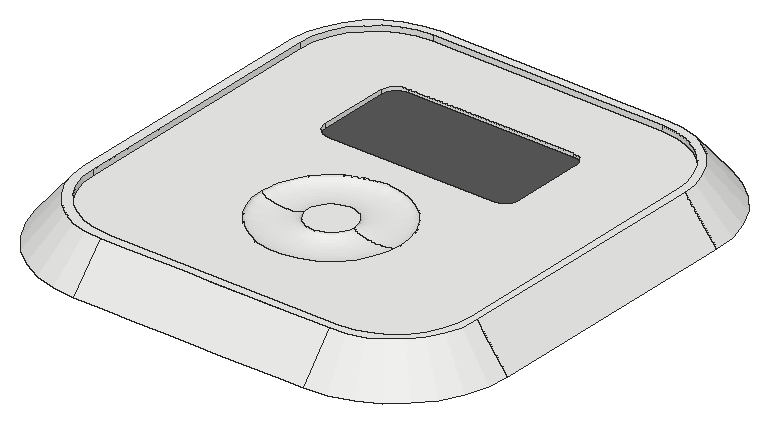
Revit family "Electronics_Controls_Biamp_Tesira_Ethernet-Control_TEC-1__", category Communication Devices, host Face, Revit 2020
Family settings
  Host = Face
  Maintain Annotation Orientation = No
  Round Connector Dimension = Use Diameter
  Part Type = Normal
  OmniClass Number = 23.85.50.17.11.14
  OmniClass Title = Network Switchers
  Cut with Voids When Loaded = No
  Shared = No
  Room Calculation Point = No
Parameters (values of type "TEC-1i")
  Width = if(TEC1i, 0' 5 105/128", 0' 4 179/256")  # 0' - 5 105/128"
  Weight = 0.50 lbf  # constant formula
  Voltage = 0 V
  URL = "https://www.biamp.com/"
  TEC1s = no
  TEC1i = yes
  Product data url = "https://www.bimobject.com/biamp/product/tesira-tec-1i_control"
  Product Page URL = "https://www.biamp.com/products/tesira-controls#tesira-tec-1i"
  Product Documentation Link = "https://downloads.biamp.com/assets/docs/default-source/data-sheets/biamp_data_sheet_tesira_tec-1_aug18.pdf"
  Power Factor = 1
  Number of Poles = 1
  Model = "Tesira TEC-1i"
  Max Power Consumption = 0 W
  Manufacturer = "Biamp"  # constant formula
  Housing Material = Biamp - Plastic - White
  Height = if(TEC1i, 0' 6 7/32", 0' 5 13/128")  # 0' - 6 7/32"
  Description = "Tesira® TEC-1i Ethernet Control"
  Depth = if(TEC1i, 0' 0 1/2", 0' 1 1/4")  # 0' - 0 1/2"
  Default Elevation = 4' - 0"
  Control Wiring Topology = "Standard Ethernet network wiring"  # constant formula
  Control Programming = "Each control configured for specific operation by the system design software"  # constant formula
  Control Cable Requirements = "Unshielded twisted pair (UTP) wiring, 100BaseT interface (CAT-5/6/7 Ethernet cable) using either RJ-45 or\r\nInsulation Displacement Connector (IDC)"  # constant formula
  Control Cable Length = "h 330' (100m) Ethernet cable length can be extended with standard PoE network technology"  # constant formula
  Connector Description = "PoE (IEEE 802.3at Class 1, 4W)"  # constant formula
  Compliance = "RoHS Directive; CE; FCC"  # constant formula
  Assembly Code = ""
  Apparent Load = Max Power Consumption / Power Factor  # 0 VA
Types (2): name | Width | TEC1s | TEC1i | Product data url | Product Page URL | Model | Height | Description | Depth
  TEC-1s | 0' - 4 179/256" | yes | no | "https://www.bimobject.com/biamp/product/tesira-tec-1s_control" | "https://www.biamp.com/products/tesira-controls#tesira-tec-1s" | "Tesira TEC-1s" | 0' - 5 13/128" | "Tesira® TEC-1s Ethernet Control" | 0' - 1 1/4"
  TEC-1i | 0' - 5 105/128" | no | yes | "https://www.bimobject.com/biamp/product/tesira-tec-1i_control" | "https://www.biamp.com/products/tesira-controls#tesira-tec-1i" | "Tesira TEC-1i" | 0' - 6 7/32" | "Tesira® TEC-1i Ethernet Control" | 0' - 0 1/2"
Reference planes (in)
  plane 1 "Center (Front/Back)": y = 0
  plane 2: z = 0
  plane 3 "Center (Left/Right)": x = 0
  plane 4: x = -2.91016
  plane 5: x = 2.91016
  plane 6: y = 3.10937
  plane 7: y = -3.10938
  plane 8: z = 0.5
Forms (in)
  Sweep 1, void
    path origin (0, 0, 0) x (1, 0, 0) y (0, 1, 0)
      loop
        circle (0, -0.84606) r 0.59055
    profile origin (0, -0.25551, 0) x (0, -1, 0) y (0, 0, 1)
      loop
        spline (0.2954, 1.20988) -> (0.28534, 1.23335) -> (0.25583, 1.25522) -> (0.20888, 1.27401) -> (0.1477, 1.28842) -> (0.07646, 1.29748) -> (0, 1.30057) -> (-0.07646, 1.29748) -> (-0.1477, 1.28842) -> (-0.20888, 1.27401) -> (-0.25583, 1.25522) -> (-0.28534, 1.23335) -> (-0.2954, 1.20988)
        spline (-0.2954, 1.20988) -> (-0.28534, 1.1864) -> (-0.25583, 1.16453) -> (-0.20888, 1.14574) -> (-0.1477, 1.13133) -> (-0.07646, 1.12227) -> (0, 1.11918) -> (0.07646, 1.12227) -> (0.1477, 1.13133) -> (0.20888, 1.14574) -> (0.25583, 1.16453) -> (0.28534, 1.1864) -> (0.2954, 1.20988)
  Extrusion 2, void
    sketch origin (0, 0, 0) x (1, 0, 0) y (0, 1, 0)
      loop
        line (1.05138, 1.71693) -> (-1.05149, 1.71693)
        arc (-1.05149, 1.71693) -> (-1.18644, 1.66096) -> (-1.24232, 1.52598) r 0.19094
        line (-1.24232, 1.52598) -> (-1.24232, 0.63268)
        arc (-1.24232, 0.63268) -> (-1.1864, 0.49766) -> (-1.05138, 0.44173) r 0.19094
        line (-1.05138, 0.44173) -> (1.05138, 0.44173)
        arc (1.05138, 0.44173) -> (1.1864, 0.49766) -> (1.24232, 0.63268) r 0.19094
        line (1.24232, 0.63268) -> (1.24232, 1.52598)
        arc (1.24232, 1.52598) -> (1.1864, 1.661) -> (1.05138, 1.71693) r 0.19094
    from 1.12828 to 1.25
  Extrusion 3, solid, material "Biamp - Glass - Black", visible <- "TEC1s", detail levels medium+fine
    sketch origin (0, 0, 0) x (1, 0, 0) y (0, 1, 0)
      loop
        line (1.05138, 1.71693) -> (-1.05149, 1.71693)
        arc (-1.05149, 1.71693) -> (-1.18644, 1.66096) -> (-1.24232, 1.52598) r 0.19094
        line (-1.24232, 1.52598) -> (-1.24232, 0.63268)
        arc (-1.24232, 0.63268) -> (-1.1864, 0.49766) -> (-1.05138, 0.44173) r 0.19094
        line (-1.05138, 0.44173) -> (1.05138, 0.44173)
        arc (1.05138, 0.44173) -> (1.1864, 0.49766) -> (1.24232, 0.63268) r 0.19094
        line (1.24232, 0.63268) -> (1.24232, 1.52598)
        arc (1.24232, 1.52598) -> (1.1864, 1.661) -> (1.05138, 1.71693) r 0.19094
    from 1.12828 to 1.20024
  Extrusion 4, solid, material "Biamp - Plastic - White" <- "Housing Material", visible <- "TEC1s", detail levels medium+fine
    sketch origin (0, 0, 0) x (1, 0, 0) y (0, 1, 0)
      loop
        arc (-2.04758, 3.10938) -> (-2.65751, 2.85673) -> (-2.91016, 2.24679) r 0.86258
        line (-2.91016, 2.24679) -> (-2.91016, -2.24679)
        arc (-2.91016, -2.24679) -> (-2.65751, -2.85673) -> (-2.04758, -3.10938) r 0.86258
        line (-2.04758, -3.10938) -> (2.04758, -3.10938)
        arc (2.04758, -3.10938) -> (2.65751, -2.85673) -> (2.91016, -2.24679) r 0.86258
        line (2.91016, -2.24679) -> (2.91016, 2.24679)
        arc (2.91016, 2.24679) -> (2.65751, 2.85673) -> (2.04758, 3.10937) r 0.86258
        line (2.04758, 3.10937) -> (-2.04758, 3.10938)
      loop
        line (-2.88582, 2.20799) -> (-2.88582, -2.2856)
        arc (-2.88582, -2.2856) -> (-2.62706, -2.85372) -> (-2.04758, -3.08594) r 0.83914
        line (-2.04758, -3.08594) -> (2.04758, -3.08594)
        arc (2.04758, -3.08594) -> (2.64094, -2.84016) -> (2.88672, -2.24679) r 0.83914
        line (2.88672, -2.24679) -> (2.88672, 2.24679)
        arc (2.88672, 2.24679) -> (2.64094, 2.84016) -> (2.04758, 3.08594) r 0.83914
        line (2.04758, 3.08594) -> (-2.04758, 3.08594)
        arc (-2.04758, 3.08594) -> (-2.65451, 2.82627) -> (-2.88582, 2.20799) r 0.83914
    from 1.21631 to 1.25
  Extrusion 5, void
    sketch origin (0, 0, 0) x (1, 0, 0) y (0, 1, 0)
      loop
        line (-0.39805, 0.19595) -> (-0.39805, -0.35428)
        arc (-0.39805, -0.35428) -> (-0.33914, -0.4965) -> (-0.19693, -0.5554) r 0.20112
        line (-0.19693, -0.5554) -> (0.19685, -0.5554)
        arc (0.19685, -0.5554) -> (0.33885, -0.4964) -> (0.39769, -0.35433) r 0.20091
        line (0.39769, -0.35433) -> (0.39769, 0.19663)
        arc (0.39769, 0.19663) -> (0.3389, 0.33858) -> (0.19695, 0.39738) r 0.20074
        line (0.19695, 0.39738) -> (-0.19662, 0.39738)
        arc (-0.19662, 0.39738) -> (-0.33905, 0.33838) -> (-0.39805, 0.19595) r 0.20143
      loop
        arc (-0.19685, 2.11883) -> (0, 1.92198) -> (0.19685, 2.11883) r 0.19685
        line (0.19685, 2.11883) -> (0.19685, 2.27631)
        arc (0.19685, 2.27631) -> (0, 2.47316) -> (-0.19685, 2.27631) r 0.19685
        line (-0.19685, 2.27631) -> (-0.19685, 2.11883)
      loop
        arc (-2.28653, 0.08493) -> (-2.37146, 0) -> (-2.28653, -0.08493) r 0.08493
        line (-2.28653, -0.08493) -> (-1.09606, -0.08493)
        arc (-1.09606, -0.08493) -> (-1.01113, 0) -> (-1.09606, 0.08493) r 0.08493
        line (-1.09606, 0.08493) -> (-2.28653, 0.08493)
      loop
        arc (1.09617, -0.07874) -> (1.1811, -0.16367) -> (1.26603, -0.07874) r 0.08493
        line (1.26603, -0.07874) -> (1.26603, 0.07874)
        arc (1.26603, 0.07874) -> (1.1811, 0.16367) -> (1.09617, 0.07874) r 0.08493
        line (1.09617, 0.07874) -> (1.09617, -0.07874)
      loop
        arc (1.72548, 0.07874) -> (1.64055, 0.16367) -> (1.55562, 0.07874) r 0.08493
        line (1.55562, 0.07874) -> (1.55562, -0.07874)
        arc (1.55562, -0.07874) -> (1.64055, -0.16367) -> (1.72548, -0.07874) r 0.08493
        line (1.72548, -0.07874) -> (1.72548, 0.07874)
      loop
        arc (-0.11799, -1.44213) -> (-0.31484, -1.63898) -> (-0.11799, -1.83583) r 0.19685
        line (-0.11799, -1.83583) -> (0.11811, -1.83583)
        arc (0.11811, -1.83583) -> (0.31496, -1.63898) -> (0.11811, -1.44213) r 0.19685
        line (0.11811, -1.44213) -> (-0.11799, -1.44213)
    from 0 to 0.0513
  Extrusion 6, solid, material "Biamp - Plastic - White" <- "Housing Material", visible <- "TEC1s", detail levels medium+fine
    sketch origin (0, 0, 0) x (1, 0, 0) y (0, 1, 0)
      loop
        arc (-2.04758, 3.10937) -> (-2.65751, 2.85673) -> (-2.91016, 2.24679) r 0.86258
        line (-2.91016, 2.24679) -> (-2.91016, -2.24679)
        arc (-2.91016, -2.24679) -> (-2.65751, -2.85673) -> (-2.04758, -3.10938) r 0.86258
        line (-2.04758, -3.10938) -> (2.04758, -3.10938)
        arc (2.04758, -3.10938) -> (2.65751, -2.85673) -> (2.91016, -2.24679) r 0.86258
        line (2.91016, -2.24679) -> (2.91016, 2.24679)
        arc (2.91016, 2.24679) -> (2.65751, 2.85673) -> (2.04758, 3.10937) r 0.86258
        line (2.04758, 3.10937) -> (-2.04758, 3.10937)
    from 0.96484 to 1.21631
  Extrusion 7, void, detail levels medium+fine
    sketch origin (0, 0, 0) x (1, 0, 0) y (0, 1, 0)
      loop
        arc (-1.45821, 2.59457) -> (-2.12214, 2.31957) -> (-2.39714, 1.65564) r 0.93894
        line (-2.39714, 1.65564) -> (-2.39714, -1.65123)
        arc (-2.39714, -1.65123) -> (-2.12256, -2.31414) -> (-1.45964, -2.58873) r 0.9375
        line (-1.45964, -2.58873) -> (1.47128, -2.58873)
        arc (1.47128, -2.58873) -> (2.13419, -2.31414) -> (2.40878, -1.65123) r 0.9375
        line (2.40878, -1.65123) -> (2.40878, 1.65334)
        arc (2.40878, 1.65334) -> (2.1331, 2.31889) -> (1.46754, 2.59457) r 0.94124
        line (1.46754, 2.59457) -> (-1.45821, 2.59457)
    from 0.21717 to 0.5
  Extrusion 8, solid, material "Biamp - Plastic - White" <- "Housing Material", visible <- "TEC1i", detail levels medium+fine
    sketch origin (0, 0, 0) x (1, 0, 0) y (0, 1, 0)
      loop
        line (1.46754, 2.59457) -> (-1.45821, 2.59457)
        arc (-1.45821, 2.59457) -> (-2.12214, 2.31957) -> (-2.39714, 1.65564) r 0.93894
        line (-2.39714, 1.65564) -> (-2.39714, -1.65123)
        arc (-2.39714, -1.65123) -> (-2.12256, -2.31414) -> (-1.45964, -2.58873) r 0.9375
        line (-1.45964, -2.58873) -> (1.47128, -2.58873)
        arc (1.47128, -2.58873) -> (2.13419, -2.31414) -> (2.40878, -1.65123) r 0.9375
        line (2.40878, -1.65123) -> (2.40878, 1.65334)
        arc (2.40878, 1.65334) -> (2.1331, 2.31889) -> (1.46754, 2.59457) r 0.94124
    from 0.21717 to 0.43083
  Extrusion 9, void
    sketch origin (0, 0, 0) x (1, 0, 0) y (0, 1, 0)
      loop
        line (1.05163, 1.6931) -> (-1.05138, 1.69148)
        arc (-1.05138, 1.69148) -> (-1.1864, 1.63555) -> (-1.24232, 1.50054) r 0.19094
        line (-1.24232, 1.50054) -> (-1.24232, 0.60723)
        arc (-1.24232, 0.60723) -> (-1.1873, 0.47312) -> (-1.05396, 0.4163) r 0.19094
        line (-1.05396, 0.4163) -> (1.05143, 0.4163)
        arc (1.05143, 0.4163) -> (1.19141, 0.47739) -> (1.24181, 0.62157) r 0.19092
        line (1.24181, 0.62157) -> (1.24181, 1.50307)
        arc (1.24181, 1.50307) -> (1.1861, 1.63749) -> (1.05163, 1.6931) r 0.19003
    from 0.34032 to 0.43083
  Extrusion 10, solid, material "Biamp - Glass - Black", visible <- "TEC1i", detail levels medium+fine
    sketch origin (0, 0, 0) x (1, 0, 0) y (0, 1, 0)
      loop
        line (-1.24232, 1.50054) -> (-1.24232, 0.60723)
        arc (-1.24232, 0.60723) -> (-1.1873, 0.47312) -> (-1.05396, 0.4163) r 0.19094
        line (-1.05396, 0.4163) -> (1.05143, 0.4163)
        arc (1.05143, 0.4163) -> (1.19141, 0.47739) -> (1.24181, 0.62157) r 0.19092
        line (1.24181, 0.62157) -> (1.24181, 1.50307)
        arc (1.24181, 1.50307) -> (1.18615, 1.63744) -> (1.05178, 1.6931) r 0.19003
        line (1.05178, 1.6931) -> (-1.05138, 1.6931)
        arc (-1.05138, 1.6931) -> (-1.1864, 1.63555) -> (-1.24232, 1.50054) r 0.19094
    from 0.34032 to 0.39014
  Sweep 11, void
    path origin (0, 0, -0.77804) x (1, 0, 0) y (0, 1, 0)
      loop
        circle (0, -0.84606) r 0.59055
    profile origin (0, -0.25551, -0.77804) x (0, -1, 0) y (0, 0, 1)
      loop
        spline (0.2954, 1.20988) -> (0.28534, 1.23335) -> (0.25583, 1.25522) -> (0.20888, 1.27401) -> (0.1477, 1.28842) -> (0.07646, 1.29748) -> (0, 1.30057) -> (-0.07646, 1.29748) -> (-0.1477, 1.28842) -> (-0.20888, 1.27401) -> (-0.25583, 1.25522) -> (-0.28534, 1.23335) -> (-0.2954, 1.20988)
        spline (-0.2954, 1.20988) -> (-0.28534, 1.1864) -> (-0.25583, 1.16453) -> (-0.20888, 1.14574) -> (-0.1477, 1.13133) -> (-0.07646, 1.12227) -> (0, 1.11918) -> (0.07646, 1.12227) -> (0.1477, 1.13133) -> (0.20888, 1.14574) -> (0.25583, 1.16453) -> (0.28534, 1.1864) -> (0.2954, 1.20988)
  Blend 12, solid, material "Biamp - Plastic - White" <- "Housing Material", visible <- "TEC1s"
    base sketch origin (0, 0, 0) x (1, 0, 0) y (0, 1, 0)
      loop
        arc (-2.75391, -2.24679) -> (-2.54703, -2.74625) -> (-2.04758, -2.95313) r 0.70633
        line (-2.04758, -2.95313) -> (2.04758, -2.95313)
        arc (2.04758, -2.95313) -> (2.54703, -2.74625) -> (2.75391, -2.24679) r 0.70633
        line (2.75391, -2.24679) -> (2.75391, 2.24679)
        arc (2.75391, 2.24679) -> (2.54703, 2.74625) -> (2.04758, 2.95312) r 0.70633
        line (2.04758, 2.95312) -> (-2.04758, 2.95312)
        arc (-2.04758, 2.95312) -> (-2.54703, 2.74625) -> (-2.75391, 2.24679) r 0.70633
        line (-2.75391, 2.24679) -> (-2.75391, -2.24679)
    top sketch origin (0, 0, 0) x (1, 0, 0) y (0, 1, 0)
      loop
        arc (-2.91016, -2.24679) -> (-2.65751, -2.85673) -> (-2.04758, -3.10938) r 0.86258
        line (-2.04758, -3.10938) -> (2.04758, -3.10938)
        arc (2.04758, -3.10938) -> (2.65751, -2.85673) -> (2.91016, -2.24679) r 0.86258
        line (2.91016, -2.24679) -> (2.91016, 2.24679)
        arc (2.91016, 2.24679) -> (2.65751, 2.85673) -> (2.04758, 3.10937) r 0.86258
        line (2.04758, 3.10937) -> (-2.04758, 3.10937)
        arc (-2.04758, 3.10937) -> (-2.65751, 2.85673) -> (-2.91016, 2.24679) r 0.86258
        line (-2.91016, 2.24679) -> (-2.91016, -2.24679)
    from 0 to 0.96484
  Extrusion 13, solid, material "Biamp - Plastic - White" <- "Housing Material", visible <- "TEC1s", detail levels coarse
    sketch origin (0, 0, 0) x (1, 0, 0) y (0, 1, 0)
      loop
        arc (-2.04758, 3.10937) -> (-2.65751, 2.85673) -> (-2.91016, 2.24679) r 0.86258
        line (-2.91016, 2.24679) -> (-2.91016, -2.24679)
        arc (-2.91016, -2.24679) -> (-2.65751, -2.85673) -> (-2.04758, -3.10938) r 0.86258
        line (-2.04758, -3.10938) -> (2.04758, -3.10938)
        arc (2.04758, -3.10938) -> (2.65751, -2.85673) -> (2.91016, -2.24679) r 0.86258
        line (2.91016, -2.24679) -> (2.91016, 2.24679)
        arc (2.91016, 2.24679) -> (2.65751, 2.85673) -> (2.04758, 3.10937) r 0.86258
        line (2.04758, 3.10937) -> (-2.04758, 3.10937)
    from 0.96484 to 0.5
  Blend 14, solid, material "Biamp - Plastic - White" <- "Housing Material", visible <- "TEC1i", detail levels medium+fine
    base sketch origin (0, 0, 0) x (1, 0, 0) y (0, 1, 0)
      loop
        arc (-1.46484, 3.10937) -> (-2.48683, 2.68605) -> (-2.91016, 1.66406) r 1.44531
        line (-2.91016, 1.66406) -> (-2.91016, -1.66406)
        arc (-2.91016, -1.66406) -> (-2.48683, -2.68605) -> (-1.46484, -3.10938) r 1.44531
        line (-1.46484, -3.10938) -> (1.46484, -3.10938)
        arc (1.46484, -3.10938) -> (2.48683, -2.68605) -> (2.91016, -1.66406) r 1.44531
        line (2.91016, -1.66406) -> (2.91016, 1.66341)
        arc (2.91016, 1.66341) -> (2.48664, 2.68586) -> (1.46419, 3.10937) r 1.44597
        line (1.46419, 3.10937) -> (-1.46484, 3.10937)
    top sketch origin (0, 0, 0) x (1, 0, 0) y (0, 1, 0)
      loop
        line (1.45704, 2.6987) -> (-1.45635, 2.6987)
        arc (-1.45635, 2.6987) -> (-2.19395, 2.39317) -> (-2.49948, 1.65557) r 1.04313
        line (-2.49948, 1.65557) -> (-2.50513, -1.65151)
        arc (-2.50513, -1.65151) -> (-2.19795, -2.39311) -> (-1.45635, -2.70029) r 1.04878
        line (-1.45635, -2.70029) -> (1.45704, -2.69465)
        arc (1.45704, -2.69465) -> (2.19465, -2.38913) -> (2.50017, -1.65152) r 1.04313
        line (2.50017, -1.65152) -> (2.50017, 1.65557)
        arc (2.50017, 1.65557) -> (2.19465, 2.39317) -> (1.45704, 2.6987) r 1.04313
    from 0 to 0.5
  Blend 15, solid, material "Biamp - Plastic - White" <- "Housing Material", visible <- "TEC1i", detail levels coarse
    base sketch origin (0, 0, 0) x (1, 0, 0) y (0, 1, 0)
      loop
        arc (-1.46484, 3.10937) -> (-2.48683, 2.68605) -> (-2.91016, 1.66406) r 1.44531
        line (-2.91016, 1.66406) -> (-2.91016, -1.66406)
        arc (-2.91016, -1.66406) -> (-2.48683, -2.68605) -> (-1.46484, -3.10938) r 1.44531
        line (-1.46484, -3.10938) -> (1.46484, -3.10938)
        arc (1.46484, -3.10938) -> (2.48683, -2.68605) -> (2.91016, -1.66406) r 1.44531
        line (2.91016, -1.66406) -> (2.91016, 1.66341)
        arc (2.91016, 1.66341) -> (2.48664, 2.68586) -> (1.46419, 3.10937) r 1.44597
        line (1.46419, 3.10937) -> (-1.46484, 3.10937)
    top sketch origin (0, 0, 0) x (1, 0, 0) y (0, 1, 0)
      loop
        line (1.45704, 2.6987) -> (-1.45635, 2.6987)
        arc (-1.45635, 2.6987) -> (-2.19395, 2.39317) -> (-2.49948, 1.65557) r 1.04313
        line (-2.49948, 1.65557) -> (-2.50513, -1.65151)
        arc (-2.50513, -1.65151) -> (-2.19795, -2.39311) -> (-1.45635, -2.70029) r 1.04878
        line (-1.45635, -2.70029) -> (1.45704, -2.69465)
        arc (1.45704, -2.69465) -> (2.19465, -2.38913) -> (2.50017, -1.65152) r 1.04313
        line (2.50017, -1.65152) -> (2.50017, 1.65557)
        arc (2.50017, 1.65557) -> (2.19465, 2.39317) -> (1.45704, 2.6987) r 1.04313
    from 0 to 0.5
  Extrusion 16, void
    sketch origin (0, 0, 0) x (1, 0, 0) y (0, 1, 0)
      loop
        line (-0.30477, 0.30705) -> (-0.30477, -0.31795) -> (0.30523, -0.31795) -> (0.30523, 0.30705) -> (-0.30477, 0.30705)
    from 0 to 0.0513
Cuts and joins
  Extrusion 7, Sweep 11 cuts Extrusion 4
  Sweep 1, Extrusion 2, Extrusion 7, Sweep 11 cuts Extrusion 6
  joined: Extrusion 4, Extrusion 6
  Extrusion 7 cuts Extrusion 3
  Extrusion 9, Sweep 11 cuts Extrusion 8
  Extrusion 7, Extrusion 16 cuts Blend 14
  joined: Extrusion 8, Blend 14
  Extrusion 5 cuts Blend 12
  Extrusion 16 cuts Blend 15
Lines and regions (in)
  Masking region 1, visible <- "TEC1i"
    outline origin (0, 0, 0) x (1, 0, 0) y (0, 0, 1)
      loop
        line (-2.91016, 0) -> (2.91016, 0) -> (2.50017, 0.5) -> (-2.50513, 0.5) -> (-2.91016, 0)
  Masking region 2, visible <- "TEC1s"
    outline origin (0, 0, 0) x (1, 0, 0) y (0, 0, 1)
      loop
        line (-2.75391, 0) -> (2.75391, 0) -> (2.91016, 0.96484) -> (2.91016, 1.25) -> (-2.91016, 1.25) -> (-2.91016, 0.96484) -> (-2.75391, 0)
  Masking region 3, visible <- "TEC1s"
    outline origin (0, 0, 0) x (1, 0, 0) y (0, 0, 1)
      loop
        line (-2.91016, 1.25) -> (-2.91016, 0.96484) -> (2.91016, 0.96484) -> (2.91016, 1.25) -> (-2.91016, 1.25)
  symbolic lines, style "CommunicationDevices", visible <- "TEC1i", not visible
    curve 1: arc (-2.91015, 1.66406, 0) -> (-2.48683, 2.68605, 0) -> (-1.46484, 3.10937, 0) r 1.44531
    curve 2: line (-1.46484, 3.10937, 0) -> (1.48037, 3.10937, 0)
    curve 3: arc (1.48037, 3.10937, 0) -> (2.4844, 2.6883, 0) -> (2.91014, 1.68625, 0) r 1.44605
    curve 4: line (2.91014, 1.68625, 0) -> (2.91014, -1.66407, 0)
    curve 5: arc (2.91014, -1.66407, 0) -> (2.48682, -2.68605, 0) -> (1.46484, -3.10937, 0) r 1.44531
    curve 6: line (1.46484, -3.10937, 0) -> (-1.46484, -3.10937, 0)
    curve 7: arc (-1.46484, -3.10937, 0) -> (-2.48683, -2.68605, 0) -> (-2.91015, -1.66406, 0) r 1.44531
    curve 8: line (-2.91015, -1.66406, 0) -> (-2.91015, 1.66406, 0)
    curve 9: arc (-1.45635, 2.6987, 0) -> (-2.19395, 2.39317, 0) -> (-2.49948, 1.65557, 0) r 1.04313
    curve 10: line (1.45704, 2.6987, 0) -> (-1.45635, 2.6987, 0)
    curve 11: arc (2.50017, 1.65557, 0) -> (2.19465, 2.39317, 0) -> (1.45704, 2.6987, 0) r 1.04313
    curve 12: line (2.50017, -1.65152, 0) -> (2.50017, 1.65557, 0)
    curve 13: arc (1.45704, -2.69465, 0) -> (2.19465, -2.38913, 0) -> (2.50017, -1.65152, 0) r 1.04313
    curve 14: line (-1.45635, -2.70029, 0) -> (1.45704, -2.69465, 0)
    curve 15: arc (-2.50513, -1.65151, 0) -> (-2.19795, -2.39311, 0) -> (-1.45635, -2.70029, 0) r 1.04878
    curve 16: line (-2.49948, 1.65557, 0) -> (-2.50513, -1.65151, 0)
  symbolic lines, style "CommunicationDevices", visible <- "TEC1s", not visible, detail levels medium+fine
    curve 17: arc (1.48703, 2.52734, 0) -> (2.08039, 2.28156, 0) -> (2.32617, 1.6882, 0) r 0.83914
    curve 18: arc (2.3496, 1.68821, 0) -> (2.09695, 2.29814, 0) -> (1.48702, 2.55078, 0) r 0.86257
    curve 19: line (2.32617, 1.6882, 0) -> (2.32617, -1.6882, 0)
    curve 20: line (2.3496, -1.6882, 0) -> (2.3496, 1.68821, 0)
    curve 21: arc (2.32617, -1.6882, 0) -> (2.08039, -2.28156, 0) -> (1.48703, -2.52734, 0) r 0.83914
    curve 22: arc (1.48702, -2.55078, 0) -> (2.09695, -2.29814, 0) -> (2.3496, -1.6882, 0) r 0.86257
    curve 23: line (1.48703, -2.52734, 0) -> (-1.48703, -2.52734, 0)
    curve 24: line (-1.48703, -2.55078, 0) -> (1.48702, -2.55078, 0)
    curve 25: arc (-1.48703, -2.52734, 0) -> (-2.06651, -2.29513, 0) -> (-2.32527, -1.72701, 0) r 0.83914
    curve 26: arc (-2.34961, -1.6882, 0) -> (-2.09696, -2.29813, 0) -> (-1.48703, -2.55078, 0) r 0.86258
    curve 27: line (-2.32527, -1.72701, 0) -> (-2.32527, 1.64939, 0)
    curve 28: line (-2.34961, 1.6882, 0) -> (-2.34961, -1.6882, 0)
    curve 29: arc (-2.32527, 1.64939, 0) -> (-2.09396, 2.26768, 0) -> (-1.48703, 2.52734, 0) r 0.83914
    curve 30: arc (-1.48703, 2.55078, 0) -> (-2.09696, 2.29814, 0) -> (-2.34961, 1.6882, 0) r 0.86258
    curve 31: line (-1.48703, 2.52734, 0) -> (1.48703, 2.52734, 0)
    curve 32: line (1.48702, 2.55078, 0) -> (-1.48703, 2.55078, 0)
  symbolic lines, style "CommunicationDevices", not visible, detail levels medium+fine
    curve 33: circle (0.00148, -0.84606, 0) r 0.88583 normal (0, 0, 1)
    curve 34: circle (0.00148, -0.84606, 0) r 0.29528 normal (0, 0, 1)
    curve 35: line (-1.24084, 1.50233, 0) -> (-1.24084, 0.63268, 0)
    curve 36: arc (-1.05001, 1.71776, 0) -> (-1.19387, 1.65296, 0) -> (-1.24084, 1.50233, 0) r 0.19234
    curve 37: line (1.05344, 1.71776, 0) -> (-1.05001, 1.71776, 0)
    curve 38: arc (1.24258, 1.52895, 0) -> (1.18716, 1.66258, 0) -> (1.05344, 1.71776, 0) r 0.18881
    curve 39: line (1.24381, 0.61033, 0) -> (1.24381, 1.52403, 0)
    curve 40: arc (1.05253, 0.44192, 0) -> (1.19219, 0.50282, 0) -> (1.24258, 0.64661, 0) r 0.19057
    curve 41: line (-1.04989, 0.44192, 0) -> (1.05253, 0.44192, 0)
    curve 42: arc (-1.24075, 0.63277, 0) -> (-1.18485, 0.49782, 0) -> (-1.04989, 0.44192, 0) r 0.19085
  symbolic lines, style "CommunicationDevices", visible <- "TEC1s", not visible
    curve 43: arc (2.3496, 1.68821, 0) -> (2.09695, 2.29814, 0) -> (1.48702, 2.55078, 0) r 0.86257
    curve 44: line (2.3496, -1.6882, 0) -> (2.3496, 1.68821, 0)
    curve 45: arc (1.48702, -2.55078, 0) -> (2.09695, -2.29814, 0) -> (2.3496, -1.6882, 0) r 0.86257
    curve 46: line (-1.48703, -2.55078, 0) -> (1.48702, -2.55078, 0)
    curve 47: arc (-2.34961, -1.6882, 0) -> (-2.09696, -2.29813, 0) -> (-1.48703, -2.55078, 0) r 0.86258
    curve 48: line (-2.34961, 1.6882, 0) -> (-2.34961, -1.6882, 0)
    curve 49: arc (-1.48703, 2.55078, 0) -> (-2.09696, 2.29814, 0) -> (-2.34961, 1.6882, 0) r 0.86258
    curve 50: line (1.48702, 2.55078, 0) -> (-1.48703, 2.55078, 0)
  symbolic lines, style "CommunicationDevices", visible <- "TEC1i", not visible, detail levels medium+fine
    curve 51: line (-2.39714, 1.65564, 0) -> (-2.39714, -1.65123, 0)
    curve 52: arc (-1.45821, 2.59457, 0) -> (-2.12214, 2.31957, 0) -> (-2.39714, 1.65564, 0) r 0.93894
    curve 53: line (1.46754, 2.59457, 0) -> (-1.45821, 2.59457, 0)
    curve 54: arc (2.40878, 1.65334, 0) -> (2.1331, 2.31889, 0) -> (1.46754, 2.59457, 0) r 0.94124
    curve 55: line (2.40878, -1.65123, 0) -> (2.40878, 1.65334, 0)
    curve 56: arc (1.47128, -2.58873, 0) -> (2.13419, -2.31414, 0) -> (2.40878, -1.65123, 0) r 0.9375
    curve 57: line (-1.45964, -2.58873, 0) -> (1.47128, -2.58873, 0)
    curve 58: arc (-2.39714, -1.65123, 0) -> (-2.12256, -2.31414, 0) -> (-1.45964, -2.58873, 0) r 0.9375
Dimensions and locks (in)
  equal spacing: plane 4, plane 3 "Center (Left/Right)", plane 5
  "Width": plane 4 to plane 5
  equal spacing: plane 6, plane 1 "Center (Front/Back)", plane 7
  "Height": plane 6 to plane 7
  "Depth": plane 8 to plane 2
  aligned and locked: plane 2 to host face
  aligned and locked: level to host face
  aligned and locked: Blend 12 to cut or joined group of Sweep 1, Extrusion 2, Extrusion 4, Extrusion 6, Extrusion 7, Sweep 11
  aligned and locked: Blend 12 to host face
  aligned and locked: Extrusion 13 to cut or joined group of Extrusion 5, Blend 12
  aligned and locked: plane 8 to Extrusion 13
  aligned and locked: cut or joined group of Sweep 1, Extrusion 2, Extrusion 4, Extrusion 6, Extrusion 7, Sweep 11 to cut or joined group of Sweep 1, Extrusion 2, Extrusion 4, Extrusion 6, Extrusion 7, Sweep 11
Automatic sketch dimensions
  host sketch curve to host sketch curve = 8' - 0"  (x2)
  Sweep 1 sketch curve to plane 3 "Center (Left/Right)" = 0' - 0"
  plane 1 "Center (Front/Back)" to Sweep 1 sketch curve = 0' - 0.84606"
  Sweep 1 sketch curve to profile plane = 0' - 0"
  Sweep 1 sketch curve to profile plane = 0' - 0.2954"
  level to Sweep 1 sketch curve = 0' - 1.20988"
  Extrusion 4 sketch curve to Extrusion 4 sketch curve = 0' - 0"  (x8)
  Extrusion 4 sketch curve to plane 4 = 0' - 0"
  Extrusion 4 sketch curve to plane 7 = 0' - 0"
  Extrusion 4 sketch curve to plane 6 = 0' - 0"
  Extrusion 4 sketch curve to plane 5 = 0' - 0"
  plane 4 to Extrusion 4 sketch curve = 0' - 0.02434"
  plane 4 to Extrusion 4 sketch curve = 0' - 0.86258"  (x2)
  Extrusion 4 sketch curve to plane 5 = 0' - 0.86258"  (x2)
  Extrusion 4 sketch curve to Extrusion 4 sketch curve = 0' - 0 3/128"
  plane 1 "Center (Front/Back)" to Extrusion 5 sketch curve = 0' - 0"
  Extrusion 5 sketch curve to plane 3 "Center (Left/Right)" = 0' - 0"
  Extrusion 5 sketch curve to plane 3 "Center (Left/Right)" = 0' - 0.11799"
  Extrusion 5 sketch curve to plane 3 "Center (Left/Right)" = 0' - 0.19662"
  Extrusion 5 sketch curve to Extrusion 5 sketch curve = 0' - 0.19685"  (x3)
  Extrusion 5 sketch curve to plane 3 "Center (Left/Right)" = 0' - 0.19693"
  Extrusion 5 sketch curve to Extrusion 5 sketch curve = 0' - 0.20112"
  plane 1 "Center (Front/Back)" to Extrusion 5 sketch curve = 0' - 0.08493"
  Extrusion 5 sketch curve to Extrusion 5 sketch curve = 0' - 0.69801"
  plane 4 to Extrusion 5 sketch curve = 0' - 0.62363"
  plane 3 "Center (Left/Right)" to Extrusion 5 sketch curve = 0' - 0.11811"
  plane 3 "Center (Left/Right)" to Extrusion 5 sketch curve = 0' - 0.19678"
  plane 3 "Center (Left/Right)" to Extrusion 5 sketch curve = 0' - 0.19695"
  Extrusion 5 sketch curve to Extrusion 5 sketch curve = 0' - 0.20091"
  plane 1 "Center (Front/Back)" to Extrusion 5 sketch curve = 0' - 0.07874"  (x2)
  Extrusion 5 sketch curve to Extrusion 5 sketch curve = 0' - 0.69848"
  Extrusion 5 sketch curve to Extrusion 5 sketch curve = 0' - 0.08493"  (x2)
  Extrusion 5 sketch curve to plane 1 "Center (Front/Back)" = 0' - 0.07874"  (x2)
  Extrusion 5 sketch curve to Extrusion 5 sketch curve = 0' - 0.37452"
  Extrusion 5 sketch curve to Extrusion 5 sketch curve = 0' - 0"  (x7)
  plane 1 "Center (Front/Back)" to Extrusion 5 sketch curve = 0' - 0.35428"
  Extrusion 5 sketch curve to Extrusion 5 sketch curve = 0' - 0.20107"
  Extrusion 5 sketch curve to Extrusion 5 sketch curve = 0' - 0 227/256"
  Extrusion 5 sketch curve to plane 1 "Center (Front/Back)" = 0' - 0.19595"
  Extrusion 5 sketch curve to plane 6 = 0' - 0.99055"
  Extrusion 5 sketch curve to Extrusion 5 sketch curve = 0' - 0.15748"
  Extrusion 5 sketch curve to Extrusion 5 sketch curve = 0' - 0.00007"
  Extrusion 6 sketch curve to plane 4 = 0' - 0"
  Extrusion 6 sketch curve to plane 7 = 0' - 0"
  Extrusion 6 sketch curve to plane 6 = 0' - 0"
  Extrusion 6 sketch curve to plane 5 = 0' - 0"
  plane 4 to Extrusion 6 sketch curve = 0' - 0.86258"
  Extrusion 6 sketch curve to Extrusion 6 sketch curve = 0' - 0.86258"
  Extrusion 6 sketch curve to plane 5 = 0' - 0.86258"  (x2)
  plane 4 to Extrusion 7 sketch curve = 0' - 0.51301"
  Extrusion 7 sketch curve to Extrusion 7 sketch curve = 0' - 0 15/16"
  Extrusion 7 sketch curve to Extrusion 7 sketch curve = 0' - 0.93894"
  Extrusion 7 sketch curve to plane 6 = 0' - 0.5148"
  Extrusion 7 sketch curve to plane 5 = 0' - 1.44261"
  plane 7 to Extrusion 7 sketch curve = 0' - 0.52064"
  Extrusion 7 sketch curve to plane 5 = 0' - 1.43888"
  Extrusion 7 sketch curve to plane 5 = 0' - 0.50138"
  plane 4 to Extrusion 8 sketch curve = 0' - 0.51301"
  Extrusion 8 sketch curve to Extrusion 8 sketch curve = 0' - 0 15/16"
  Extrusion 8 sketch curve to Extrusion 8 sketch curve = 0' - 0.93894"
  Extrusion 8 sketch curve to plane 5 = 0' - 1.44261"
  plane 7 to Extrusion 8 sketch curve = 0' - 0.52064"
  Extrusion 8 sketch curve to plane 5 = 0' - 1.43888"
  Extrusion 8 sketch curve to plane 5 = 0' - 0.50138"
  Extrusion 8 sketch curve to plane 6 = 0' - 1.45604"
  Extrusion 10 sketch curve to plane 1 "Center (Front/Back)" = 0' - 0.4163"
  Extrusion 10 sketch curve to plane 3 "Center (Left/Right)" = 0' - 1.05396"
  Extrusion 10 sketch curve to plane 3 "Center (Left/Right)" = 0' - 1.05138"
  Extrusion 10 sketch curve to Extrusion 10 sketch curve = 0' - 0.00258"
  plane 3 "Center (Left/Right)" to Extrusion 10 sketch curve = 0' - 1.05143"
  Extrusion 10 sketch curve to Extrusion 10 sketch curve = 0' - 0.00034"
  Extrusion 10 sketch curve to Extrusion 10 sketch curve = 0' - 0.19003"
  Extrusion 10 sketch curve to Extrusion 10 sketch curve = 0' - 0.19092"
  Extrusion 10 sketch curve to Extrusion 10 sketch curve = 0' - 0.19093"
  Extrusion 10 sketch curve to Extrusion 10 sketch curve = 0' - 0.89331"
  Extrusion 10 sketch curve to Extrusion 10 sketch curve = 0' - 0.8815"
  Extrusion 10 sketch curve to Extrusion 10 sketch curve = 0' - 0.19094"
  Extrusion 10 sketch curve to Extrusion 10 sketch curve = 0' - 0"  (x5)
  Sweep 11 sketch curve to plane 3 "Center (Left/Right)" = 0' - 0"
  plane 1 "Center (Front/Back)" to Sweep 11 sketch curve = 0' - 0.84606"
  Sweep 11 sketch curve to profile plane = 0' - 0"
  Sweep 11 sketch curve to profile plane = 0' - 0.2954"
  profile plane to Sweep 11 sketch curve = 0' - 1.20988"
  plane 4 to Blend 12 sketch curve = 0' - 0 5/32"
  Blend 12 sketch curve to Blend 12 sketch curve = 0' - 0.70633"  (x2)
  Blend 12 sketch curve to plane 5 = 0' - 0.86258"  (x4)
  Blend 12 sketch curve to plane 5 = 0' - 0 5/32"
  plane 7 to Blend 12 sketch curve = 0' - 0 5/32"
  Blend 12 sketch curve to plane 6 = 0' - 0.86258"
  Blend 12 sketch curve to plane 4 = 0' - 0"
  Blend 12 sketch curve to plane 7 = 0' - 0"
  Blend 12 sketch curve to plane 6 = 0' - 0"
  Blend 12 sketch curve to plane 5 = 0' - 0"
  plane 4 to Blend 12 sketch curve = 0' - 0.86258"
  Blend 12 sketch curve to Blend 12 sketch curve = 0' - 0.86258"
  Extrusion 13 sketch curve to plane 4 = 0' - 0"
  Extrusion 13 sketch curve to plane 7 = 0' - 0"
  Extrusion 13 sketch curve to plane 6 = 0' - 0"
  Extrusion 13 sketch curve to plane 5 = 0' - 0"
  plane 4 to Extrusion 13 sketch curve = 0' - 0.86258"
  Extrusion 13 sketch curve to Extrusion 13 sketch curve = 0' - 0.86258"
  Extrusion 13 sketch curve to plane 5 = 0' - 0.86258"  (x2)
  Blend 14 sketch curve to plane 4 = 0' - 0"
  Blend 14 sketch curve to plane 7 = 0' - 0"
  Blend 14 sketch curve to plane 6 = 0' - 0"
  Blend 14 sketch curve to plane 5 = 0' - 0"
  plane 4 to Blend 14 sketch curve = 0' - 1 57/128"
  Blend 14 sketch curve to Blend 14 sketch curve = 0' - 1 57/128"  (x2)
  Blend 14 sketch curve to Blend 14 sketch curve = 0' - 1.44597"
  Blend 15 sketch curve to plane 4 = 0' - 0"
  Blend 15 sketch curve to plane 7 = 0' - 0"
  Blend 15 sketch curve to plane 6 = 0' - 0"
  Blend 15 sketch curve to plane 5 = 0' - 0"
  plane 4 to Blend 15 sketch curve = 0' - 1 57/128"
  Blend 15 sketch curve to Blend 15 sketch curve = 0' - 1 57/128"  (x2)
  Blend 15 sketch curve to Blend 15 sketch curve = 0' - 1.44597"
  Extrusion 16 sketch curve to plane 3 "Center (Left/Right)" = 0' - 0.30477"
  plane 1 "Center (Front/Back)" to Extrusion 16 sketch curve = 0' - 0.31795"
  plane 3 "Center (Left/Right)" to Extrusion 16 sketch curve = 0' - 0.30523"
  Extrusion 16 sketch curve to plane 1 "Center (Front/Back)" = 0' - 0.30705"
  plane 4 to Blend 14 sketch curve = 0' - 0.40503"
  plane 4 to Blend 14 sketch curve = 0' - 0.41068"
  Blend 14 sketch curve to Blend 14 sketch curve = 0' - 1.04313"
  Blend 14 sketch curve to Blend 14 sketch curve = 0' - 1.04878"
  Blend 14 sketch curve to plane 5 = 0' - 1 29/64"  (x2)
  Blend 14 sketch curve to plane 6 = 0' - 0.41068"
  Blend 14 sketch curve to plane 5 = 0' - 0.40998"
  plane 7 to Blend 14 sketch curve = 0' - 1.45786"
  plane 7 to Blend 14 sketch curve = 0' - 0.41472"
  plane 7 to Blend 15 sketch curve = 0' - 0.40908"
  plane 4 to Blend 15 sketch curve = 0' - 1.45381"  (x2)
  Blend 15 sketch curve to plane 6 = 0' - 0.41068"
  plane 7 to Blend 15 sketch curve = 0' - 0.41472"
  Blend 15 sketch curve to plane 5 = 0' - 1 29/64"  (x2)
  Blend 15 sketch curve to plane 5 = 0' - 0.40998"
  Blend 15 sketch curve to Blend 15 sketch curve = 0' - 1.04878"
  Blend 15 sketch curve to Blend 15 sketch curve = 0' - 1.04313"
  Extrusion 3 sketch curve to plane 1 "Center (Front/Back)" = 0' - 0.63268"
  Extrusion 3 sketch curve to plane 3 "Center (Left/Right)" = 0' - 1.05138"
  Extrusion 3 sketch curve to Extrusion 3 sketch curve = 0' - 0"  (x9)
  plane 3 "Center (Left/Right)" to Extrusion 3 sketch curve = 0' - 1.05138"  (x2)
  Extrusion 3 sketch curve to plane 1 "Center (Front/Back)" = 0' - 0.44173"
  Extrusion 3 sketch curve to Extrusion 3 sketch curve = 0' - 0.19094"  (x3)
  Extrusion 3 sketch curve to Extrusion 3 sketch curve = 0' - 0.89331"
  Extrusion 3 sketch curve to Extrusion 3 sketch curve = 0' - 0.00012"
  Extrusion 2 sketch curve to plane 3 "Center (Left/Right)" = 0' - 1.05149"
  Extrusion 2 sketch curve to plane 1 "Center (Front/Back)" = 0' - 0.63268"  (x2)
  Extrusion 2 sketch curve to plane 3 "Center (Left/Right)" = 0' - 1.05138"
  Extrusion 2 sketch curve to Extrusion 2 sketch curve = 0' - 0.00012"
  plane 3 "Center (Left/Right)" to Extrusion 2 sketch curve = 0' - 1.05138"  (x2)
  Extrusion 2 sketch curve to plane 1 "Center (Front/Back)" = 0' - 0.44173"
  Extrusion 2 sketch curve to Extrusion 2 sketch curve = 0' - 0.19094"  (x2)
  Extrusion 2 sketch curve to Extrusion 2 sketch curve = 0' - 0.89331"  (x2)
  Extrusion 2 sketch curve to Extrusion 2 sketch curve = 0' - 0"  (x4)
  Extrusion 9 sketch curve to plane 1 "Center (Front/Back)" = 0' - 0.4163"
  Extrusion 9 sketch curve to plane 3 "Center (Left/Right)" = 0' - 1.05396"
  Extrusion 9 sketch curve to plane 3 "Center (Left/Right)" = 0' - 1.05138"
  Extrusion 9 sketch curve to Extrusion 9 sketch curve = 0' - 0.00258"
  plane 3 "Center (Left/Right)" to Extrusion 9 sketch curve = 0' - 1.05143"
  plane 3 "Center (Left/Right)" to Extrusion 9 sketch curve = 0' - 1.05163"
  Extrusion 9 sketch curve to Extrusion 9 sketch curve = 0' - 0.00015"
  Extrusion 9 sketch curve to Extrusion 9 sketch curve = 0' - 0.19038"
  Extrusion 9 sketch curve to Extrusion 9 sketch curve = 0' - 0.19092"
  Extrusion 9 sketch curve to Extrusion 9 sketch curve = 0' - 0.19093"
  Extrusion 9 sketch curve to Extrusion 9 sketch curve = 0' - 0.89331"
  Extrusion 9 sketch curve to Extrusion 9 sketch curve = 0' - 0.89585"
  Extrusion 9 sketch curve to Extrusion 9 sketch curve = 0' - 0.19094"
  Extrusion 9 sketch curve to Extrusion 9 sketch curve = 0' - 0"  (x3)
  curve 28 to curve 27 = 0' - 0.02433"
  curve 28 to curve 32 = 0' - 0.86258"
  curve 25 to curve 26 = 0' - 0.83824"
  curve 30 to curve 31 = 0' - 0"
  curve 26 to curve 23 = 0' - 0"
  curve 29 to curve 18 = 0' - 2.97405"
  curve 25 to curve 22 = 0' - 2.97405"
  curve 22 to curve 21 = 0' - 0"
  curve 18 to curve 17 = 0' - 0"
  curve 21 to curve 19 = 0' - 0.83914"
  curve 19 to curve 20 = 0' - 0 3/128"
  curve 26 to curve 23 = 0' - 0 3/128"
  curve 27 to curve 26 = 0' - 0.03881"
  curve 26 to curve 27 = 0' - 3.33759"
  curve 21 to curve 17 = 0' - 3.3764"
  curve 29 to curve 28 = 0' - 0.03881"
  curve 7 to curve 16 = 0' - 0.40503"
  curve 8 to curve 16 = 0' - 0.41067"
  curve 15 to curve 14 = 0' - 2.91338"
  curve 9 to curve 10 = 0' - 2.91339"
  curve 11 to curve 3 = 0' - 0.00723"
  curve 13 to curve 6 = 0' - 0 1/128"
  curve 10 to curve 2 = 0' - 0.02334"
  curve 12 to curve 4 = 0' - 0.40997"
  curve 6 to curve 14 = 0' - 0.40908"
  curve 5 to curve 14 = 0' - 0.41472"
  curve 9 to curve 2 = 0' - 1.03464"
  curve 16 to curve 7 = 0' - 1.04028"
  curve 2 to curve 10 = 0' - 0.0085"
  curve 7 to curve 15 = 0' - 0.0085"
  curve 5 to curve 12 = 0' - 1.03533"
  curve 12 to curve 12 = 0' - 3.30709"
  curve 11 to curve 3 = 0' - 0.00784"
  curve 9 to curve 1 = 0' - 0.00849"
  Masking region 1 sketch curve to level = 0' - 0"
  Masking region 1 sketch curve to plane 4 = 0' - 0"
  Masking region 1 sketch curve to plane 8 = 0' - 0"
  Masking region 1 sketch curve to plane 5 = 0' - 0"
  plane 4 to Masking region 1 sketch curve = 0' - 0.40503"
  Masking region 1 sketch curve to plane 5 = 0' - 0.40998"
  Masking region 2 sketch curve to plane 4 = 0' - 0"
  Masking region 2 sketch curve to level = 0' - 0"
  Masking region 2 sketch curve to plane 5 = 0' - 0"
  plane 8 to Masking region 2 sketch curve = 0' - 0 119/256"  (x2)
  Masking region 2 sketch curve to Masking region 2 sketch curve = 0' - 0 73/256"
  plane 4 to Masking region 2 sketch curve = 0' - 0 5/32"
  Masking region 2 sketch curve to plane 5 = 0' - 0 5/32"
  Masking region 3 sketch curve to plane 4 = 0' - 0"
  Masking region 3 sketch curve to plane 5 = 0' - 0"
  plane 8 to Masking region 3 sketch curve = 0' - 0 119/256"
  Masking region 3 sketch curve to Masking region 3 sketch curve = 0' - 0 73/256"
  radius of Sweep 1 sketch curve = 0' - 0.59055"
  radius of Sweep 11 sketch curve = 0' - 0.59055"
Connectors (in)
  electrical at (-0.00006, -0.07901, 0.0513), driven by "Connector Description", driven by "Power Factor", driven by "Apparent Load", driven by "Voltage", driven by "Number of Poles"
    settings: on cut or joined group of Sweep 1, Extrusion 2, Extrusion 4, Extrusion 6, Extrusion 7, Sweep 11, index 1, voltage 0 V, apparent load 0 VA, apparent load phase1 0 VA, apparent load phase2 0 VA, apparent load phase3 0 VA, power factor 1, load classification "Other", number of poles 1, system type 31, power factor state 1, is connector primary yes, connector utility no, sub classification motor no, connector description "PoE (IEEE 802.3at Class 1, 4W)"
